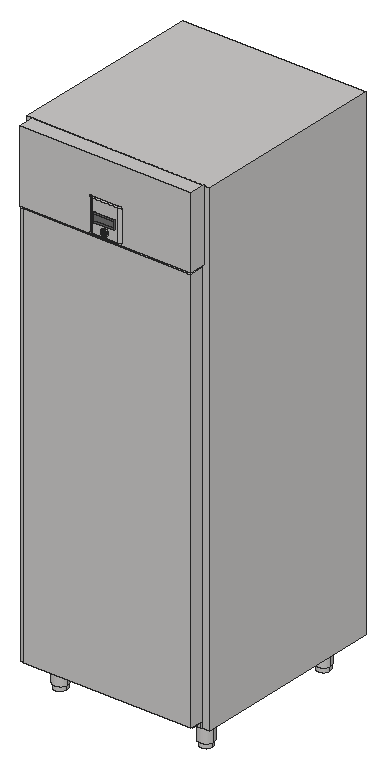
Revit family "QF_ELECTROLUXPROFESSIONAL_725492_ERX71FRH", category Attrezzature speciali, Revit 2018
Family settings
  Quota connettore circolare = Usa diametro
  Tipo di parte = Normale
  Basato su piano di lavoro = No
  Sempre verticale = Sì
  Taglio con vuoti quando caricato = No
  Condiviso = No
  Punto di calcolo locali = No
Parameters (values of type "Standard")
  Weight = 106.00 kg
  Watts = 190 W
  Volts = 220 V
  URL Manufacturer = "https://www.electroluxprofessional.com/"
  URL = "https://www.electroluxprofessional.com/"
  Steam Supply Size = 0 mm
  Steam Supply Minimum Pressure = 0.0 Pa
  Steam Supply Maximum Pressure = 0.0 Pa
  Steam Consumption per Hour = 0
  Refrigeration Suction Line Size = 0 mm
  Refrigeration Liquid Line Size = 0 mm
  Refrigerant Compressor Remote = yes
  Produttore = "Electrolux Professional"
  Phase = 1
  Modello = "ERX71FRH"
  Length Actual = 740 mm  # constant formula
  Item Number = "725492"
  Hot Water Size = 0 mm
  Height Actual = 2080 mm  # constant formula
  HP = "0.3 HP"
  Gas Size = 0 mm
  Gas KW = 0
  Gas Input Pressure = 0 W
  Direct Waste Size = 0 mm
  Descrizione = "1-DOOR REFRIGERATOR 670L -2+10°C,DIGITAL WITH LIGHT, A304 - R290 - CLASS A"
  Depth Actual = 860 mm  # constant formula
  Cycle = 50 Hz
  Condensate Return Size = 0 mm
  Compressed Air Volume = 0.0 L/s
  Compressed Air Size = 0 mm
  Compressed Air Pressure = 0.0 Pa
  Cold Water Size = 0 mm
  Accessory = yes
Reference planes
  plane 1 "Center (Front/Back)": y = 0
  plane 2: z = 0
  plane 3 "Center (Left/Right)": x = 0
  plane 4 "BASE": z = 110
  plane 5 "TOP": z = 2080
  plane 6 "FRONT": y = -430
  plane 7 "BACK": y = 430
  plane 8 "LEFT": x = -370
  plane 9 "RIGHT": x = 370
Forms (mm)
  Extrusion 1, solid, material "QF_Finishes_Stainless Steel"
    sketch origin (-14.5, 0, 0) x (1, 0, 0) y (0, 1, 0)
      loop
        circle (-264, 333) r 25
      loop
        circle (293, 333) r 25
      loop
        circle (-280.5, -281) r 25
      loop
        circle (309.5, -281) r 25
    from 0 to 20
  Extrusion 2, solid, material "QF_Finishes_Stainless Steel"
    sketch origin (0, 0, 0) x (1, 0, 0) y (0, 1, 0)
      loop
        circle (-278.5, 333) r 30
      loop
        circle (278.5, 333) r 30
      loop
        circle (295, -281) r 30
      loop
        circle (-295, -281) r 30
    from 20 to 110
  Extrusion 3, solid, material "QF_Finishes_Stainless Steel"
    sketch origin (0, 0, 110) x (-1, 0, 0) y (0, -1, 0)
      loop
        line (370, -430) -> (370, 358) -> (-370, 358) -> (-370, -430) -> (370, -430)
    from 0 to 1970
  Extrusion 4, solid
    sketch origin (0, 430, 1690) x (-1, 0, 0) y (0, 0, 1)
      loop
        circle (354, 124) r 10
    from 0 to 3.2
  Extrusion 5, solid, material "QF_Door-Drawer Clearances", detail levels coarse
    sketch origin (-17, 0, 110) x (-1, 0, 0) y (0, -1, 0)
      loop
        line (-362, 422) -> (-298, 422) -> (-298, 1033) -> (-306, 1033) -> (-306, 1051) -> (-324, 1051) -> (-324, 1073) -> (-362, 1073) -> (-362, 422)
    from 1672.965 to 28
  Extrusion 6, solid, material "QF_Door-Drawer Clearances", detail levels coarse
    sketch origin (0, 0, 110) x (-1, 0, 0) y (0, -1, 0)
      loop
        line (-281, 422) -> (345.293, 422)
        arc (345.293, 422) -> (150.197, 878.811) -> (-307, 1073) r 665
        line (-307, 1073) -> (-307, 1051) -> (-289, 1051) -> (-289, 1033) -> (-281, 1033) -> (-281, 422)
    from 1672.965 to 28
  Extrusion 7, solid, material "QF_Clearances", detail levels coarse
    sketch origin (0, 0, 110) x (-1, 0, 0) y (0, -1, 0)
      loop
        line (370, 430) -> (370, -430) -> (-370, -430) -> (-370, 430) -> (-400, 430) -> (-400, -460) -> (400, -460) -> (400, 430) -> (370, 430)
    from -110 to 1970
  Extrusion 8, solid, material "QF_Clearances", detail levels coarse
    sketch origin (0, 0, 2080) x (-1, 0, 0) y (0, -1, 0)
      loop
        line (400, -460) -> (400, 430) -> (-400, 430) -> (-400, -460) -> (400, -460)
    from 0 to 500
  Extrusion 9, void
    sketch origin (0, 430, 0) x (-1, 0, 0) y (0, 0, 1)
      loop
        line (280, 1723.199) -> (-280, 1723.199) -> (-280, 179.492) -> (0, 170) -> (280, 179.199) -> (280, 1723.199)
    from -56 to -763
Cuts and joins
  joined: Extrusion 7, Extrusion 8
  Extrusion 9 cuts Extrusion 3
Lines and regions (mm)
  symbolic lines, style "SpecialityEquipmentHiddenLines"
    curve 1: line (345, -422, 110) -> (345, -1073, 110)
    curve 7: line (281, -422, 110) -> (281, -1033, 110)
    curve 8: line (281, -1033, 110) -> (289, -1033, 110)
    curve 9: line (289, -1033, 110) -> (289, -1051, 110)
    curve 10: line (289, -1051, 110) -> (307, -1051, 110)
    curve 11: line (307, -1051, 110) -> (307, -1073, 110)
    curve 12: line (307, -1073, 110) -> (345, -1073, 110)
  symbolic lines, style "QF_Clearances", detail levels coarse
    curve 2: line (-370, -430, 2080) -> (-400, -430, 2080)
    curve 3: line (-400, -430, 2080) -> (-400, 460, 2080)
    curve 4: line (-400, 460, 2080) -> (400, 460, 2080)
    curve 5: line (400, 460, 2080) -> (400, -430, 2080)
    curve 6: line (400, -430, 2080) -> (370, -430, 2080)
  symbolic lines
    curve 13: line (345, -422, 110) -> (-345, -422, 110)
Dimensions and locks
  plane 7 "BACK" to plane 1 "Center (Front/Back)" to plane 6 "FRONT" = 430 mm, 430 mm
  equal spacing: plane 8 "LEFT", plane 3 "Center (Left/Right)", plane 9 "RIGHT"
  plane 8 "LEFT" to plane 9 "RIGHT" = 740 mm
  plane 7 "BACK" to plane 6 "FRONT" = 860 mm
  plane 5 "TOP" to plane 2 = 2080 mm
  equal spacing: plane 9 "RIGHT", plane 3 "Center (Left/Right)", plane 8 "LEFT"
  aligned and locked: level to plane 2
Automatic sketch dimensions
  Extrusion 3 sketch curve to plane 7 "BACK" = 0 mm
  Extrusion 3 sketch curve to plane 9 "RIGHT" = 0 mm
  Extrusion 3 sketch curve to plane 8 "LEFT" = 0 mm
  plane 8 "LEFT" to Extrusion 4 sketch curve = 16 mm
  plane 4 "BASE" to Extrusion 4 sketch curve = 1704 mm
  Extrusion 7 sketch curve to plane 6 "FRONT" = 0 mm  (x2)
  Extrusion 7 sketch curve to plane 7 "BACK" = 0 mm
  Extrusion 7 sketch curve to plane 9 "RIGHT" = 0 mm
  Extrusion 7 sketch curve to plane 8 "LEFT" = 0 mm
  Extrusion 7 sketch curve to plane 9 "RIGHT" = 30 mm
  Extrusion 7 sketch curve to plane 8 "LEFT" = 30 mm
  plane 7 "BACK" to Extrusion 7 sketch curve = 30 mm
  Extrusion 8 sketch curve to plane 6 "FRONT" = 0 mm
  Extrusion 8 sketch curve to plane 9 "RIGHT" = 30 mm
  Extrusion 8 sketch curve to plane 8 "LEFT" = 30 mm
  plane 7 "BACK" to Extrusion 8 sketch curve = 30 mm
  plane 8 "LEFT" to Extrusion 1 sketch curve = 75 mm
  plane 8 "LEFT" to Extrusion 1 sketch curve = 91.5 mm
  plane 9 "RIGHT" to Extrusion 1 sketch curve = 91.5 mm
  plane 9 "RIGHT" to Extrusion 1 sketch curve = 75 mm
  plane 6 "FRONT" to Extrusion 1 sketch curve = 149 mm  (x2)
  Extrusion 1 sketch curve to plane 7 "BACK" = 97 mm  (x2)
  plane 8 "LEFT" to Extrusion 2 sketch curve = 75 mm
  plane 8 "LEFT" to Extrusion 2 sketch curve = 91.5 mm
  plane 9 "RIGHT" to Extrusion 2 sketch curve = 91.5 mm
  plane 9 "RIGHT" to Extrusion 2 sketch curve = 75 mm
  plane 6 "FRONT" to Extrusion 2 sketch curve = 149 mm  (x2)
  Extrusion 2 sketch curve to plane 7 "BACK" = 97 mm  (x2)
  plane 6 "FRONT" to Extrusion 3 sketch curve = 72 mm
  Extrusion 9 sketch curve to plane 3 "Center (Left/Right)" = 0 mm
  plane 9 "RIGHT" to Extrusion 9 sketch curve = 90 mm
  plane 8 "LEFT" to Extrusion 9 sketch curve = 90 mm
  plane 4 "BASE" to Extrusion 9 sketch curve = 60 mm
  plane 4 "BASE" to Extrusion 9 sketch curve = 69.199 mm
  plane 4 "BASE" to Extrusion 9 sketch curve = 69.492 mm
  Extrusion 9 sketch curve to plane 5 "TOP" = 356.801 mm
  curve 6 to plane 6 "FRONT" = 0 mm
  curve 6 to plane 9 "RIGHT" = 0 mm
  curve 2 to plane 6 "FRONT" = 0 mm
  curve 2 to plane 8 "LEFT" = 0 mm
  curve 5 to plane 9 "RIGHT" = 30 mm
  curve 3 to plane 8 "LEFT" = 30 mm
  plane 7 "BACK" to curve 4 = 30 mm
  plane 9 "RIGHT" to Extrusion 5 sketch curve = 25 mm
  plane 9 "RIGHT" to Extrusion 5 sketch curve = 81 mm
  plane 6 "FRONT" to Extrusion 5 sketch curve = 8 mm
  Extrusion 5 sketch curve to Extrusion 5 sketch curve = 64 mm
  Extrusion 5 sketch curve to plane 6 "FRONT" = 603 mm
  Extrusion 5 sketch curve to Extrusion 5 sketch curve = 18 mm  (x2)
  Extrusion 5 sketch curve to Extrusion 5 sketch curve = 22 mm
  plane 6 "FRONT" to Extrusion 6 sketch curve = 21.881 mm
  plane 9 "RIGHT" to Extrusion 6 sketch curve = 50.438 mm
  plane 9 "RIGHT" to Extrusion 6 sketch curve = 63 mm
  Extrusion 6 sketch curve to Extrusion 6 sketch curve = 18 mm  (x2)
  plane 6 "FRONT" to Extrusion 6 sketch curve = 8 mm
  Extrusion 6 sketch curve to Extrusion 6 sketch curve = 38.562 mm
  Extrusion 6 sketch curve to Extrusion 6 sketch curve = 22 mm
  plane 8 "LEFT" to Extrusion 6 sketch curve = 24.707 mm
  plane 9 "RIGHT" to curve 1 = 25 mm
  curve 1 to curve 11 = 38 mm
  curve 10 to curve 10 = 18 mm
  curve 8 to curve 7 = 8 mm
  plane 6 "FRONT" to curve 13 = 8 mm
  curve 8 to plane 6 "FRONT" = 603 mm
  curve 8 to curve 11 = 18 mm
  curve 10 to curve 11 = 22 mm
  plane 8 "LEFT" to curve 13 = 25 mm
  radius of Extrusion 1 sketch curve = 25 mm  (x4)
  radius of Extrusion 2 sketch curve = 30 mm  (x4)
  radius of Extrusion 4 sketch curve = 10 mm
Nested families
  nested 1: "QF_727996_Door" at (0, -358, 968.365) x (1, 0, 0) z (0, -1, 0), type "QF_727996_Door"
    with Show Clearance yes
  nested 2: "Freezer" at (370, -442.5, 110), type "Freezer"
Connectors
  electrical at (-354, 433.2, 1814), driven by "Volts"
    settings: on Extrusion 4, index 2, voltage 220 V, apparent load 0 VA, apparent load phase1 0 VA, apparent load phase2 0 VA, apparent load phase3 0 VA, power factor 1, load classification "Other", number of poles 1, system type 30, power factor state 1, is connector primary yes, connector utility no, sub classification motor no, connector description "Electrical Connection"
Definition of nested family "QF_727996_Door"
  Parameters
    Show Clearance [instance] = yes
    Model = "727996"
    Default Elevation = 1219.2 mm
  Reference planes
    plane 1 "Center (Front/Back)": y = 0
    plane 2: z = 0
    plane 3 "Center (Left/Right)": x = 0
  Forms (mm)
    Extrusion 1, solid
      sketch origin (0, -919.2, 0) x (1, 0, 0) y (0, 1, 0)
        loop
          line (-460, 2119.2) -> (-460, -162.846) -> (488.967, -162.846) -> (488.967, 2119.2) -> (-460, 2119.2)
      from 0 to -59.546
    Extrusion 2, solid
      sketch origin (0, 0, 0) x (1, 0, 0) y (0, 0, 1)
        loop
          line (-345, 64) -> (-345, 0) -> (345, 0) -> (345, 64) -> (-345, 64)
      from -1111.6 to -821.6
    Extrusion 3, solid
      sketch origin (0, 0, 0) x (1, 0, 0) y (0, 0, 1)
        loop
          line (-345, 60) -> (-345, 26) -> (-323, 26) -> (-323, 8) -> (-305, 8) -> (-305, 0) -> (337, 0) -> (337, 8) -> (345, 8) -> (345, 64) -> (-330, 64) -> (-345, 60)
      from -814.6 to 830.4
    Extrusion 4, solid
      sketch origin (117, -516.365, 0) x (0, 1, 0) y (0, 0, 1)
        loop
          line (-323.003, 40.312) -> (-316.501, 40.312) -> (-316.501, 42.812) -> (-325.503, 42.812) -> (-325.503, 2.5) -> (-342, 2.5) -> (-342, 0) -> (-323.003, 0) -> (-323.003, 12.259) -> (-323.003, 40.312)
        loop
          line (-314, 38.311) -> (-316.501, 38.311) -> (-316.501, 14.304) -> (-319.752, 14.304) -> (-319.752, 11.804) -> (-314, 11.804) -> (-314, 38.311)
      from 185 to 220
    Extrusion 5, solid
      sketch origin (117, 499.597, 0) x (0, 1, 0) y (0, 0, 1)
        loop
          line (315.003, 27.948) -> (315.003, 2.948) -> (315.003, 0) -> (322.003, 0) -> (322.003, 2.5) -> (317.503, 2.5) -> (317.503, 27.948) -> (315.003, 27.948)
      from 185 to 220
  Lines and regions (mm)
    symbolic lines
      curve 1: line (-345, 0, 64) -> (345, 0, 64)
      curve 2: line (-345, 0, 0) -> (-345, 0, 64)
      curve 3: line (345, 0, 0) -> (-345, 0, 0)
      curve 4: line (345, 0, 64) -> (345, 0, 0)
      curve 5: line (-345, 0, 26) -> (-323, 0, 26)
      curve 6: line (-323, 0, 26) -> (-323, 0, 8)
      curve 7: line (-323, 0, 8) -> (-305, 0, 8)
      curve 8: line (-305, 0, 8) -> (-305, 0, 0)
      curve 9: line (337, 0, 8) -> (345, 0, 8)
      curve 10: line (337, 0, 8) -> (337, 0, 0)
  Dimensions and locks
    aligned and locked: plane 2 to Extrusion 1
    aligned and locked: level to Extrusion 1
  Nested families
    nested 1: "QF_DisplayStandardCabinets" at (0, 891.6, 64), type "QF_DisplayStandardCabinets"
      with Show Clearance yes
  Definition of nested family "QF_DisplayStandardCabinets"
    Parameters
      Show Clearance [instance] = yes
      Model = "728658"
      Default Elevation = 1219.2 mm
    Reference planes
      plane 1 "Center (Front/Back)": y = 0
      plane 2: z = 0
      plane 3 "Center (Left/Right)": x = 0
    Forms (mm)
      Extrusion 1, solid
        sketch origin (0, -919.2, 0) x (1, 0, 0) y (0, 1, 0)
          loop
            line (-198.75, 1146.2) -> (-198.75, 709.567) -> (165.741, 709.567) -> (165.741, 1146.2) -> (-198.75, 1146.2)
        from 0 to -59.546
      Extrusion 2, solid
        sketch origin (-59, -44.611, 0) x (0, 1, 0) y (-1, 0, 0)
          loop
            circle (0.611, -59) r 14
        from 5 to 7
      Extrusion 3, solid
        sketch origin (744.635, 320.889, 0) x (0, 1, 0) y (-1, 0, 0)
          loop
            circle (-364.889, 744.635) r 10
          loop
            circle (-364.889, 744.635) r 9
        from 5 to 8
      Extrusion 4, solid
        sketch origin (744.635, 320.889, 0) x (0, 1, 0) y (-1, 0, 0)
          loop
            circle (-364.889, 744.635) r 8.7
        from 5 to 8
      Extrusion 5, void
        sketch origin (744.635, 320.889, 0) x (0, 1, 0) y (-1, 0, 0)
          loop
            line (-372.339, 745.885) -> (-372.339, 743.385) -> (-362.339, 743.385) -> (-362.339, 745.885) -> (-372.339, 745.885)
        from 8.592 to 6.269
      Blend 6, solid
        base sketch origin (365.719, -803.635, 0) x (1, 0, 0) y (0, 1, 0)
          loop
            arc (-424.229, 873.635) -> (-428.653, 871.803) -> (-430.485, 867.38) r 6.255
            line (-430.485, 867.38) -> (-430.485, 739.89)
            arc (-430.485, 739.89) -> (-428.653, 735.467) -> (-424.229, 733.635) r 6.255
            line (-424.229, 733.635) -> (-307.728, 733.635)
            arc (-307.728, 733.635) -> (-303.305, 735.467) -> (-301.473, 739.89) r 6.255
            line (-301.473, 739.89) -> (-301.473, 867.38)
            arc (-301.473, 867.38) -> (-303.305, 871.803) -> (-307.728, 873.635) r 6.255
            line (-307.728, 873.635) -> (-424.229, 873.635)
        top sketch origin (365.719, -803.635, 0) x (1, 0, 0) y (0, 1, 0)
          loop
            line (-418.756, 738.326) -> (-313.201, 738.326) -> (-313.201, 868.943) -> (-418.756, 868.943) -> (-418.756, 738.326)
        from 0 to 4
      Extrusion 7, solid
        sketch origin (744.635, 320.889, 0) x (0, 1, 0) y (-1, 0, 0)
          loop
            line (-372.339, 745.885) -> (-372.339, 743.385) -> (-362.339, 743.385) -> (-362.339, 745.885) -> (-372.339, 745.885)
        from 6 to 8
      Extrusion 8, void
        sketch origin (0, 0, 0) x (1, 0, 0) y (0, 1, 0)
          loop
            line (-53.037, 65.309) -> (-53.037, -65.309) -> (52.518, -65.309) -> (52.518, 65.309) -> (-53.037, 65.309)
        from 5 to 2
      Extrusion 9, solid
        sketch origin (0, 0, 0) x (1, 0, 0) y (0, 1, 0)
          loop
            line (-51.473, 63.745) -> (-51.473, -63.745) -> (50.954, -63.745) -> (50.954, 63.745) -> (-51.473, 63.745)
        from 2.2 to 4
      Extrusion 10, solid
        sketch origin (0, -30, 0) x (0, 1, 0) y (0, 0, 1)
          loop
            line (10.404, 4) -> (17.404, 4) -> (17.404, 8)
            arc (17.404, 8) -> (13.868, 7.749) -> (10.404, 7) r 25
            line (10.404, 7) -> (10.404, 4)
          loop
            arc (47.404, 7) -> (43.939, 7.749) -> (40.404, 8) r 25
            line (40.404, 8) -> (40.404, 4) -> (47.404, 4) -> (47.404, 7)
        from 40 to -40
      Extrusion 11, solid
        sketch origin (0, -30, 0) x (1, 0, 0) y (0, 1, 0)
          loop
            line (-40, 40.404) -> (-40, 17.404) -> (40, 17.404) -> (40, 40.404) -> (-40, 40.404)
        from 8 to 4
    Cuts and joins
      Extrusion 5 cuts Extrusion 4
      Extrusion 8 cuts Blend 6
      joined: Extrusion 10, Extrusion 11
    Lines and regions (mm)
      Split face 1
        outline origin (-41, 10.404, 8) x (-1, 0, 0) y (0, -1, 0)
          loop
            line (-72.157, 0.05) -> (-72.157, 10.5) -> (-78.157, 10.5) -> (-78.157, 0.05) -> (-72.157, 0.05)
      Split face 2
        outline origin (-50, 10.404, 8) x (-1, 0, 0) y (0, -1, 0)
          loop
            line (-72.157, 0.05) -> (-72.157, 10.5) -> (-78.157, 10.5) -> (-78.157, 0.05) -> (-72.157, 0.05)
      Split face 3
        outline origin (-50, 10.404, 8) x (-1, 0, 0) y (0, -1, 0)
          loop
            line (-72.157, 12.45) -> (-72.157, 22.9) -> (-78.157, 22.9) -> (-78.157, 12.45) -> (-72.157, 12.45)
      Split face 4
        outline origin (-50, 10.404, 8) x (-1, 0, 0) y (0, -1, 0)
          loop
            line (-81.157, 12.45) -> (-81.157, 22.9) -> (-87.157, 22.9) -> (-87.157, 12.45) -> (-81.157, 12.45)
      Split face 5
        outline origin (-50, 10.404, 8) x (-1, 0, 0) y (0, -1, 0)
          loop
            line (-13, 0.1) -> (-13, 22.9) -> (-69, 22.9) -> (-69, 0.1) -> (-13, 0.1)
      symbolic lines
        curve 1: line (52.518, 0, 4) -> (-53.037, 0, 4)
        curve 2: line (40, 0, 4) -> (40, 0, 8)
        curve 3: line (40, 0, 8) -> (-40, 0, 8)
        curve 4: line (-40, 0, 8) -> (-40, 0, 4)
        curve 5: line (-64.765, 0, 0) -> (-53.037, 0, 4)
        curve 6: line (52.518, 0, 4) -> (64.135, 0, 0)
    Dimensions and locks
      aligned and locked: plane 2 to Extrusion 1
      aligned and locked: level to Extrusion 1
Definition of nested family "Freezer"
  Reference planes
    plane 1 "Center (Front/Back)": y = 0
    plane 2: z = 0
    plane 3 "Center (Left/Right)": x = 0
  Lines and regions (mm)
    detail lines, in view "Ref. Level"
      curve 1: spline (-500, 190, 0) -> (-493.185, 166.706, 0) -> (-473.205, 145, 0) -> (-441.421, 126.36, 0) -> (-400, 112.058, 0) -> (-351.764, 103.067, 0) -> (-300, 100, 0) -> (-248.236, 103.067, 0) -> (-200, 112.058, 0) -> (-158.579, 126.36, 0) -> (-126.795, 145, 0) -> (-106.815, 166.706, 0) -> (-100, 190, 0) -> (-106.815, 213.294, 0) -> (-126.795, 235, 0) -> (-158.579, 253.64, 0) -> (-200, 267.942, 0) -> (-248.236, 276.933, 0) -> (-300, 280, 0) -> (-351.764, 276.933, 0) -> (-400, 267.942, 0) -> (-441.421, 253.64, 0) -> (-473.205, 235, 0) -> (-493.185, 213.294, 0) -> (-500, 190, 0)
      curve 2: line (-220, 130, 0) -> (-220, 250, 0)
      curve 3: line (-271.962, 220, 0) -> (-168.038, 160, 0)
      curve 4: line (-271.962, 160, 0) -> (-168.038, 220, 0)
      curve 5: line (-200.884, 246.873, 0) -> (-220, 225, 0)
      curve 6: line (-220, 225, 0) -> (-239.116, 246.873, 0)
      curve 7: line (-250.311, 207.5, 0) -> (-260, 235.883, 0)
      curve 8: line (-279.736, 201.7, 0) -> (-250.311, 207.5, 0)
      curve 9: line (-250.311, 172.5, 0) -> (-279.736, 178.3, 0)
      curve 10: line (-260, 144.117, 0) -> (-250.311, 172.5, 0)
      curve 11: line (-220, 155, 0) -> (-239.116, 133.127, 0)
      curve 12: line (-200.884, 133.127, 0) -> (-220, 155, 0)
      curve 13: line (-189.689, 172.5, 0) -> (-180.304, 145.008, 0)
      curve 14: line (-161.188, 178.118, 0) -> (-189.689, 172.5, 0)
      curve 15: line (-189.689, 207.5, 0) -> (-161.188, 201.882, 0)
      curve 16: line (-180.304, 234.992, 0) -> (-189.689, 207.5, 0)
      curve 17: line (-380, 130, 0) -> (-380, 250, 0)
      curve 18: line (-431.962, 220, 0) -> (-328.038, 160, 0)
      curve 19: line (-431.962, 160, 0) -> (-328.038, 220, 0)
      curve 20: line (-360.884, 246.873, 0) -> (-380, 225, 0)
      curve 21: line (-380, 225, 0) -> (-399.116, 246.873, 0)
      curve 22: line (-410.311, 207.5, 0) -> (-419.696, 234.992, 0)
      curve 23: line (-438.812, 201.882, 0) -> (-410.311, 207.5, 0)
      curve 24: line (-410.311, 172.5, 0) -> (-438.812, 178.118, 0)
      curve 25: line (-419.696, 145.008, 0) -> (-410.311, 172.5, 0)
      curve 26: line (-380, 155, 0) -> (-399.116, 133.127, 0)
      curve 27: line (-360.884, 133.127, 0) -> (-380, 155, 0)
      curve 28: line (-349.689, 172.5, 0) -> (-340, 144.117, 0)
      curve 29: line (-320.264, 178.3, 0) -> (-349.689, 172.5, 0)
      curve 30: line (-349.689, 207.5, 0) -> (-320.264, 201.7, 0)
      curve 31: line (-340, 235.883, 0) -> (-349.689, 207.5, 0)
